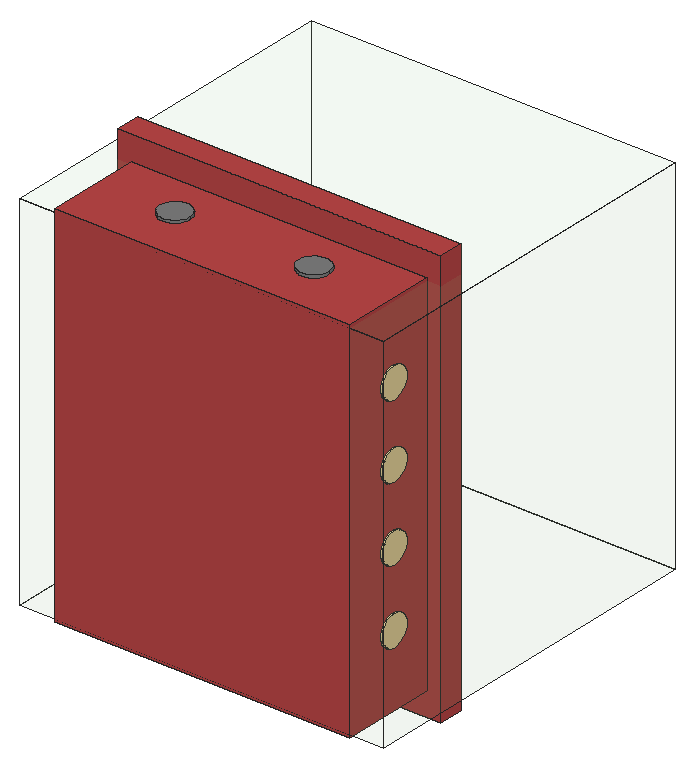
Revit family "ZETA_Коробка_Клемная_КМ 65-40_IP65", category Электрические приборы, Revit 2021
Family settings
  Сохранять ориентацию аннотаций = Нет
  Размер круглого соединителя = Использовать диаметр
  Тип детали = Нормальный
  На основе рабочей плоскости = Да
  Всегда вертикально = Нет
  При загрузке вырезать с полостями = Нет
  Общий = Нет
  Точка принадлежности помещению = Да
Parameters (values of type "65-40_IP65")
  УГО_Ширина = 10 mm
  УГО_Смещение_Х [instance] = 0 mm
  УГО_Смещение_Y [instance] = 0 mm
  УГО_Высота = 5 mm
  Температура эксплуатации = "от -40°С до +60°С"
  Сечение жил до = "4мм2"
  Сертификат = "RU C-RU.АД84.В.00192/20"
  Потолочное размещение [instance] = no
  Default Elevation = 1219.2 mm
  Описание = "Коробки клеммные соединительные КМ43 и КМ65 предназначены для\r\nсоединения и разветвления силовых электрических цепей и цепей КИПиА,\r\nвыполняемых контрольными и силовыми кабелями с алюминиевыми или медными\r\nжилами сечением 1,5-4мм2."
  Номинальный ток = "до 25A"
  Напряжение постоянного тока = "440 В"
  Напряжение переменного тока = "660 В"
  Крышка_Ширина = 160 mm
  Крышка_Длина = 190 mm
  Климатическое исполнение = "УХЛ1,5"
  Изготовитель = "АО «ЗЭТА»"  # constant formula
  Изготавливается по = "ТУ 27.33.13.120-047-99856433-2020"
  URL = "https://nzeta.ru/"
  D4 = 40 mm
  D3 = 20 mm
  D2 = 32 mm
  D1 = 25 mm
  В_УГО_Смещение_У [instance] = УГО_Смещение_Y + 2000 mm  # 2000 mm
  В_УГО_Смещение_X [instance] = УГО_Смещение_Х + 2000 mm  # 2000 mm
  ADSK_Ток = 0 A
  ADSK_Степень защиты_IP = "IP65"
  ADSK_Размер_Ширина = 266 mm
  ADSK_Размер_УголПоворота [instance] = if(Потолочное размещение, -90.00°, 180.00°)  # 180.00°
  ADSK_Размер_Длина = 345 mm
  ADSK_Размер_Высота = 107 mm
  ADSK_Примечание [instance] = ""
  ADSK_Полная мощность = 0 VA
  ADSK_Позиция [instance] = ""
  ADSK_Обозначение = "KK"
  ADSK_Номинальная мощность = 0 W
  ADSK_Номер стояка = ""
  ADSK_Номер линии = 0
  ADSK_Напряжение = 230 V
  ADSK_Наименование краткое = "КМ 65-40"
  ADSK_Наименование = "Коробка монтажная КМ 65-40 УХЛ1,5 IP65 латунный ввод ГОФРОМАТИК"
  ADSK_Материал наименование = "Сталь оцинкованная"
  ADSK_Масса_Текст = "4.5"
  ADSK_Масса = 4.5
  ADSK_Марка = "KK КМ 65-40 УХЛ1,5 IP65"
  ADSK_Коэффициент мощности = 1
  ADSK_Количество фаз числовое = 1
  ADSK_Количество фаз = 1
  ADSK_Количество = 1
  ADSK_Код изделия = "zeta30360"
  ADSK_Классификация нагрузок = Прочее
  ADSK_Завод-изготовитель = "АО «ЗЭТА»"  # constant formula
  ADSK_Единица измерения = "шт"  # constant formula
  ADSK_Версия семейства = "v.1"  # constant formula
  ADSK_Версия Revit = "2021"
  ADSK_URL страницы изделия = "https://nzeta.ru/catalog/?q=zeta30360"
  ADSK_URL документации изделия = "https://nzeta.ru/upload/uf/c9e/76dahqymg58k24705a9phg9ue591dzuj/passport.pdf"
Reference planes
  plane 1 "По центру (Вперед/Назад)": y = 0
  plane 2: z = 0
  plane 3 "По центру (Влево/Вправо)": x = 0
  plane 4: x = -2000
  plane 5: y = -2000
  plane 6: x = 0
  plane 7: y = 0
Lines and regions (mm)
  reference lines
    curve 1: line (0, 0, 0) -> (0, 0, -180)
    curve 2: line (0, 0, 0) -> (0, 140, 0)
Dimensions and locks
  "В_УГО_Смещение_X": plane 4 to plane 6
  "В_УГО_Смещение_У": plane 7 to plane 5
  angle curve 2 to curve 1 = 90.00°
  "ADSK_Размер_УголПоворота": angle plane 1 "По центру (Вперед/Назад)" to curve 1
  aligned and locked: level to plane 2
  aligned and locked: plane 6 to nested 1
  aligned and locked: nested 1 to plane 7
  aligned and locked: plane 2 to curve 2
  aligned and locked: plane 1 "По центру (Вперед/Назад)" to curve 1
  aligned and locked: nested 2 to curve 2
Nested families
  nested 1: "УГО_Клеменная_Коробка_(GenAnn)" at (0, 0, 0), УГО_Высота <- "УГО_Высота", УГО_Длина <- "УГО_Ширина", ADSK_Обозначение <- "ADSK_Обозначение", ADSK_Степень защиты_IP <- "ADSK_Степень защиты_IP", type "УГО_Клеменная_Коробка_(GenAnn)", detail levels coarse+medium
    with УГО_Длина 10 mm, УГО_Высота 5 mm, ADSK_Степень защиты_IP "IP65", ADSK_Обозначение "KK"
  nested 2: "ZETA_Коробка_Клемная_КМ 65-40_IP65_Геометрия" at (0, 0, 0) x (0, 0, -1) z (0, 1, 0), type "65-40", detail levels medium+fine
  nested 3: "Zeta_Зона обслуживания" at (0, 0, 0) x (-1, 0, 0) z (0, 0, -1), type "Зона обслуживания_Куб", detail levels medium+fine
    with Зона обслуживания_Ширина 300 mm, Зона обслуживания_Длина 300 mm, Зона обслуживания_Высота 300 mm
Connectors
  cabletrayconduit at (-123.595, 43.588, 91.442), diameter 32, driven by "D2"
    settings: on nested 2, index 2, connector width 300 mm, connector height 300 mm, connector angle 0.00°, system type 32, placement type 0, profile type 0, connector reference index -1, is primary connector yes, connector utility param no, connector description ""
  cabletrayconduit at (-123.595, 43.588, 30.481), diameter 32, driven by "D2"
    settings: on nested 2, index 3, connector width 300 mm, connector height 300 mm, connector angle 0.00°, system type 32, placement type 0, profile type 0, connector reference index -1, is primary connector no, connector utility param no, connector description ""
  cabletrayconduit at (-123.595, 43.588, -30.481), diameter 40, driven by "D4"
    settings: on nested 2, index 4, connector width 300 mm, connector height 300 mm, connector angle 0.00°, system type 32, placement type 0, profile type 0, connector reference index -1, is primary connector no, connector utility param no, connector description ""
  electrical at (0, 0, 0), driven by "ADSK_Количество фаз", driven by "ADSK_Классификация нагрузок", driven by "ADSK_Напряжение", driven by "ADSK_Полная мощность", driven by "ADSK_Коэффициент мощности"
    settings: on nested 2, index 5, voltage 230 V, apparent load 0 VA, apparent load phase1 0 VA, apparent load phase2 0 VA, apparent load phase3 0 VA, power factor 1, load classification "Прочее", number of poles 1, system type 30, power factor state 1, is connector primary yes, connector utility no, sub classification motor no, connector description ""
  cabletrayconduit at (123.524, 43.588, 91.442), diameter 25, driven by "D1"
    settings: on nested 2, index 7, connector width 300 mm, connector height 300 mm, connector angle 0.00°, system type 32, placement type 0, profile type 0, connector reference index -1, is primary connector no, connector utility param no, connector description ""
  cabletrayconduit at (123.524, 43.588, -91.442), diameter 25, driven by "D1"
    settings: on nested 2, index 8, connector width 300 mm, connector height 300 mm, connector angle 0.00°, system type 32, placement type 0, profile type 0, connector reference index -1, is primary connector no, connector utility param no, connector description ""
  cabletrayconduit at (123.524, 43.588, 30.481), diameter 25, driven by "D1"
    settings: on nested 2, index 9, connector width 300 mm, connector height 300 mm, connector angle 0.00°, system type 32, placement type 0, profile type 0, connector reference index -1, is primary connector no, connector utility param no, connector description ""
  cabletrayconduit at (-123.595, 43.588, -91.442), diameter 32, driven by "D2"
    settings: on nested 2, index 11, connector width 300 mm, connector height 300 mm, connector angle 0.00°, system type 32, placement type 0, profile type 0, connector reference index -1, is primary connector no, connector utility param no, connector description ""
  cabletrayconduit at (-57.269, 43.588, -154.404), diameter 25, driven by "D1"
    settings: on nested 2, index 12, connector width 300 mm, connector height 300 mm, connector angle 0.00°, system type 32, placement type 0, profile type 0, connector reference index -1, is primary connector no, connector utility param no, connector description ""
  cabletrayconduit at (57.269, 43.588, -154.404), diameter 25, driven by "D1"
    settings: on nested 2, index 13, connector width 300 mm, connector height 300 mm, connector angle 0.00°, system type 32, placement type 0, profile type 0, connector reference index -1, is primary connector no, connector utility param no, connector description ""
  cabletrayconduit at (123.524, 43.588, -30.481), diameter 25, driven by "D1"
    settings: on nested 2, index 14, connector width 300 mm, connector height 300 mm, connector angle 0.00°, system type 32, placement type 0, profile type 0, connector reference index -1, is primary connector no, connector utility param no, connector description ""
  cabletrayconduit at (57.269, 43.588, 154.404), diameter 25, driven by "D1"
    settings: on nested 2, index 15, connector width 300 mm, connector height 300 mm, connector angle 0.00°, system type 32, placement type 0, profile type 0, connector reference index -1, is primary connector no, connector utility param no, connector description ""
  cabletrayconduit at (-57.269, 43.588, 154.404), diameter 25, driven by "D1"
    settings: on nested 2, index 16, connector width 300 mm, connector height 300 mm, connector angle 0.00°, system type 32, placement type 0, profile type 0, connector reference index -1, is primary connector no, connector utility param no, connector description ""
Definition of nested family "ZETA_Коробка_Клемная_КМ 65-40_IP65_Геометрия"
  Parameters (values of type "65-40")
    Привязки_Штуцер = 177.786 mm
    Default Elevation = 1219.2 mm
    Основание_Ширина = ADSK_Размер_Ширина * 0.9142  # 243.177 mm
    Основание_Длина = ADSK_Размер_Длина * 0.8835  # 304.808 mm
    Manufacturer = "АО \"ЗЭТАРУС\""
    D4 = 40 mm
    D3 = 20 mm
    D2 = 32 mm
    D1 = 25 mm
    ADSK_Размер_Ширина = 266 mm
    ADSK_Размер_Длина = 345 mm
    ADSK_Размер_Высота = 106 mm
  Reference planes
    plane 1 "По центру (Вперед/Назад)": y = 0
    plane 2: z = 0
    plane 3 "По центру (Влево/Вправо)": x = 0
    plane 4: x = -152.404
    plane 5: x = 152.404
    plane 6: y = -121.589
    plane 7: y = 121.589
    plane 8: x = -172.5
    plane 9: y = -133
    plane 10: x = 172.5
    plane 11: y = 133
    plane 12: z = 106
    plane 13: z = 79.822
    plane 14: y = -57.269
    plane 15: y = 57.269
    plane 16: z = 43.588
    plane 17: y = -123.595
    plane 18: y = 123.524
    plane 19: x = -30.481
    plane 20: x = -91.442
    plane 21: x = 30.481
    plane 22: x = 91.442
    plane 23: x = 154.404
  Forms (mm)
    Extrusion 1, solid
      sketch origin (0, 0, 0) x (1, 0, 0) y (0, 1, 0)
        loop
          line (-152.404, 121.589) -> (-152.404, -121.589) -> (152.404, -121.589) -> (152.404, 121.589) -> (-152.404, 121.589)
      from 0 to 79.822
    Extrusion 2, solid
      sketch origin (0, 0, 0) x (1, 0, 0) y (0, 1, 0)
        loop
          line (-172.5, 133) -> (-172.5, -133) -> (172.5, -133) -> (172.5, 133) -> (-172.5, 133)
      from 100 to 79.822
    Extrusion 3, solid
      sketch origin (0, 0, 0) x (1, 0, 0) y (0, 0, 1)
        loop
          circle (-91.442, 43.588) r 16
      from 121.589 to 123.595
    Extrusion 4, solid
      sketch origin (43.5, 0, 0) x (1, 0, 0) y (0, 0, 1)
        loop
          circle (-73.981, 43.588) r 16
      from 123.595 to 121.589
    Extrusion 5, solid
      sketch origin (117, 0, 0) x (1, 0, 0) y (0, 0, 1)
        loop
          circle (-86.519, 43.588) r 20
      from 123.595 to 121.589
    Extrusion 6, solid
      sketch origin (85.899, 167.006, 14.478) x (1, 0, 0) y (0, 0, 1)
        loop
          circle (-116.38, 29.11) r 12.5
      from 43.482 to 45.417
    Extrusion 7, solid
      sketch origin (26.528, 167.006, 14.478) x (1, 0, 0) y (0, 0, 1)
        loop
          circle (-117.97, 29.11) r 12.5
      from 43.482 to 45.417
    Extrusion 8, solid
      sketch origin (142.642, 206.667, 14.478) x (1, 0, 0) y (0, 0, 1)
        loop
          circle (-112.162, 29.11) r 12.5
      from 85.079 to 83.144
    Extrusion 9, solid
      sketch origin (197.414, 210.537, 14.478) x (1, 0, 0) y (0, 0, 1)
        loop
          circle (-105.972, 29.11) r 12.5
      from 87.014 to 88.949
    Extrusion 10, solid
      sketch origin (177.962, 0, 0) x (1, 0, 0) y (0, 0, 1)
        loop
          circle (-86.519, 43.588) r 16
      from 123.595 to 121.589
    Extrusion 11, solid
      sketch origin (152.404, 121.589, 0) x (0, -1, 0) y (0, 0, -1)
        loop
          circle (178.857, -43.588) r 12.5
      from 0 to 2
    Extrusion 12, solid
      sketch origin (152.404, 236.126, 0) x (0, -1, 0) y (0, 0, -1)
        loop
          circle (178.857, -43.588) r 12.5
      from 0 to 2
    Extrusion 13, solid
      sketch origin (-154.404, 236.126, 0) x (0, -1, 0) y (0, 0, -1)
        loop
          circle (178.857, -43.588) r 12.5
      from 0 to 2
    Extrusion 14, solid
      sketch origin (-154.404, 121.589, 0) x (0, -1, 0) y (0, 0, -1)
        loop
          circle (178.857, -43.588) r 12.5
      from 0 to 2
  Dimensions and locks
    equal spacing: plane 4, plane 3 "По центру (Влево/Вправо)", plane 5
    equal spacing: plane 7, plane 1 "По центру (Вперед/Назад)", plane 6
    "Основание_Ширина": plane 7 to plane 6
    "Основание_Длина": plane 4 to plane 5
    equal spacing: plane 11, plane 1 "По центру (Вперед/Назад)", plane 9
    equal spacing: plane 8, plane 3 "По центру (Влево/Вправо)", plane 10
    "ADSK_Размер_Ширина": plane 11 to plane 9
    "ADSK_Размер_Длина": plane 8 to plane 10
    "ADSK_Размер_Высота": plane 12 to level
    locked: plane 6 to plane 17 at 2.006
    locked: plane 18 to plane 7 at 1.935
    equal spacing: plane 4, plane 20, plane 19, plane 21, plane 22, plane 5
    equal spacing: plane 15, plane 1 "По центру (Вперед/Назад)", plane 14
    plane 5 to plane 23 = 2 mm
    "D2": diameter of Extrusion 3 sketch curve
    "D2": diameter of Extrusion 4 sketch curve
    "D4": diameter of Extrusion 5 sketch curve
    "D1": diameter of Extrusion 6 sketch curve
    "D1": diameter of Extrusion 7 sketch curve
    "D1": diameter of Extrusion 8 sketch curve
    "D1": diameter of Extrusion 9 sketch curve
    "D2": diameter of Extrusion 10 sketch curve
    "D1": diameter of Extrusion 11 sketch curve
    "D1": diameter of Extrusion 12 sketch curve
    "D1": diameter of Extrusion 13 sketch curve
    "D1": diameter of Extrusion 14 sketch curve
    aligned and locked: level to plane 2
    aligned and locked: Extrusion 1 sketch curve to plane 7
    aligned and locked: plane 4 to Extrusion 1 sketch curve
    aligned and locked: plane 6 to Extrusion 1 sketch curve
    aligned and locked: Extrusion 1 sketch curve to plane 5
    aligned and locked: Extrusion 2 sketch curve to plane 11
    aligned and locked: plane 8 to Extrusion 2 sketch curve
    aligned and locked: plane 9 to Extrusion 2 sketch curve
    aligned and locked: Extrusion 2 sketch curve to plane 10
    aligned and locked: Extrusion 2 to plane 13
    aligned and locked: Extrusion 1 to Extrusion 2
    aligned and locked: plane 16 to Extrusion 3 sketch curve
    aligned and locked: plane 6 to Extrusion 3
    aligned and locked: Extrusion 3 to plane 17
    aligned and locked: plane 18 to Extrusion 6
    aligned and locked: Extrusion 6 to plane 7
    aligned and locked: Extrusion 4 to Extrusion 1
    aligned and locked: Extrusion 4 to plane 17
    aligned and locked: Extrusion 5 to Extrusion 1
    aligned and locked: Extrusion 5 to plane 17
    aligned and locked: plane 16 to Extrusion 5 sketch curve
    aligned and locked: plane 16 to Extrusion 6 sketch curve
    aligned and locked: plane 19 to Extrusion 6 sketch curve
    aligned and locked: plane 7 to Extrusion 7
    aligned and locked: plane 18 to Extrusion 7
    aligned and locked: Extrusion 9 to plane 7
    aligned and locked: plane 18 to Extrusion 9
    aligned and locked: plane 22 to Extrusion 9 sketch curve
    aligned and locked: plane 21 to Extrusion 8 sketch curve
    aligned and locked: plane 20 to Extrusion 7 sketch curve
    aligned and locked: plane 20 to Extrusion 3 sketch curve
    aligned and locked: plane 19 to Extrusion 4 sketch curve
    aligned and locked: plane 21 to Extrusion 5 sketch curve
    aligned and locked: plane 22 to Extrusion 10 sketch curve
    aligned and locked: plane 15 to Extrusion 12 sketch curve
    aligned and locked: plane 23 to Extrusion 12
    aligned and locked: plane 23 to Extrusion 11
  Automatic sketch dimensions
    Extrusion 4 sketch curve to plane 16 = 0 mm
    Extrusion 7 sketch curve to plane 16 = 0 mm
    Extrusion 8 sketch curve to plane 16 = 0 mm
    Extrusion 9 sketch curve to plane 16 = 0 mm
    Extrusion 10 sketch curve to plane 16 = 0 mm
    Extrusion 1 to Extrusion 11 sketch curve = 64.32 mm
    Extrusion 1 to Extrusion 11 sketch curve = 36.234 mm
    Extrusion 1 to Extrusion 12 sketch curve = 36.234 mm
    Extrusion 13 sketch curve to plane 15 = 0 mm
    Extrusion 13 sketch curve to plane 16 = 0 mm
    Extrusion 14 sketch curve to plane 14 = 0 mm
    Extrusion 14 sketch curve to plane 16 = 0 mm
Definition of nested family "Zeta_Зона обслуживания"
  Parameters (values of type "Зона обслуживания_Куб")
    Default Elevation = 1219.2 mm
    Зона обслуживания_Ширина [instance] = 300 mm
    Зона обслуживания_Длина [instance] = 300 mm
    Зона обслуживания_Высота [instance] = 300 mm
  Reference planes
    plane 1 "По центру (Вперед/Назад)": y = 0
    plane 2: z = 0
    plane 3 "По центру (Влево/Вправо)": x = 0
    plane 4: x = -150
    plane 5: x = 150
    plane 6: y = 300
    plane 7: z = 150
    plane 8: z = -150
  Forms (mm)
    Extrusion 1, solid
      sketch origin (0, 0, 0) x (1, 0, 0) y (0, 1, 0)
        loop
          line (-150, 300) -> (-150, 0) -> (150, 0) -> (150, 300) -> (-150, 300)
      from -150 to 150
  Dimensions and locks
    equal spacing: plane 4, plane 3 "По центру (Влево/Вправо)", plane 5
    "Зона обслуживания_Ширина": plane 6 to plane 1 "По центру (Вперед/Назад)"
    "Зона обслуживания_Длина": plane 4 to plane 5
    equal spacing: plane 7, level, plane 8
    "Зона обслуживания_Высота": plane 7 to plane 8
    aligned and locked: level to plane 2
    aligned and locked: Extrusion 1 sketch curve to plane 6
    aligned and locked: plane 4 to Extrusion 1 sketch curve
    aligned and locked: Extrusion 1 sketch curve to plane 5
    aligned and locked: Extrusion 1 to plane 8
    aligned and locked: plane 7 to Extrusion 1
    aligned and locked: plane 1 "По центру (Вперед/Назад)" to Extrusion 1
  Automatic sketch dimensions
    plane 1 "По центру (Вперед/Назад)" to Extrusion 1 sketch curve = 0 mm
Definition of nested family "УГО_Клеменная_Коробка_(GenAnn)"
  Parameters (values of type "УГО_Клеменная_Коробка_(GenAnn)")
    УГО_Длина [instance] = 10 mm
    УГО_Высота [instance] = 5 mm
    ADSK_Степень защиты_IP [instance] = ""
    ADSK_Обозначение [instance] = ""
  Reference planes
    plane 1: y = 0
    plane 2: x = 0
  Lines and regions (mm)
    Filled region 1, type "Filled region 1"
      outline origin (0, 0, 0) x (1, 0, 0) y (0, 1, 0)
        loop
          line (-5, 2.5) -> (-5, -2.5) -> (5, -2.5) -> (5, 2.5) -> (-5, 2.5)
    reference lines
      curve 1: line (-5, 2.5, 0) -> (-5, -2.5, 0)
      curve 2: line (-5, -2.5, 0) -> (5, -2.5, 0)
      curve 3: line (5, 2.5, 0) -> (5, -2.5, 0)
      curve 4: line (-5, 2.5, 0) -> (5, 2.5, 0)
  Text (mm)
    label "KK IP 54" at (0.033, -0.03, 0), shows "ADSK_Обозначение", "ADSK_Степень защиты_IP"
  Dimensions and locks
    equal spacing: curve 1, plane 2, curve 3
    equal spacing: curve 2, plane 1, curve 4
    "УГО_Длина": curve 1 to curve 3
    "УГО_Высота": curve 2 to curve 4
    aligned and locked: Filled region 1 sketch curve to curve 4
    aligned and locked: Filled region 1 sketch curve to curve 1
    aligned and locked: Filled region 1 sketch curve to curve 2
    aligned and locked: Filled region 1 sketch curve to curve 3
